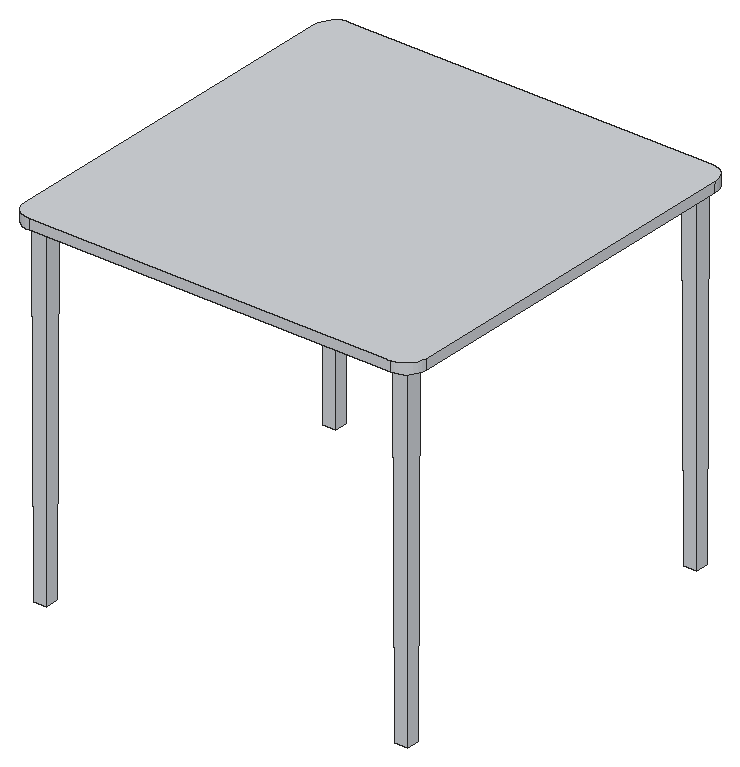
Revit family "Table - Square", category Generic Models, Revit 2023
Family settings
  Can host rebar = No
  Round Connector Dimension = Use Diameter
  Part Type = Normal
  Work Plane-Based = No
  Always vertical = Yes
  Cut with Voids When Loaded = No
  Maintain Annotation Orientation = No
  Shared = No
  Room Calculation Point = No
Parameters
  Thickness = 0' - 2"
  Sides = 6' - 8"
  Leg Inset = 0' - 4"
  Leg Height = Height - Thickness  # 5' - 8"
  Height = 5' - 10"
  Default Elevation = 0' - 0"
  Corner Fillet = 0' - 4"
Reference planes (in)
  plane 1 "Center (Front/Back)": y = 0
  plane 2: z = 0
  plane 3 "Center (Left/Right)": x = 0
  plane 4: x = -40
  plane 5: x = 40
  plane 6: y = 40
  plane 7: y = -40
  plane 8: z = 70
  plane 9: z = 68
  plane 10: y = 36
  plane 11: x = 36
  plane 12: y = -36
  plane 13: x = -36
Forms (in)
  Extrusion 1, solid
    sketch origin (0, 0, 0) x (1, 0, 0) y (0, 1, 0)
      loop
        arc (-36, 40) -> (-38.82843, 38.82843) -> (-40, 36) r 4
        line (-40, 36) -> (-40, -36)
        arc (-40, -36) -> (-38.82843, -38.82843) -> (-36, -40) r 4
        line (-36, -40) -> (36, -40)
        arc (36, -40) -> (38.82843, -38.82843) -> (40, -36) r 4
        line (40, -36) -> (40, 36)
        arc (40, 36) -> (38.82843, 38.82843) -> (36, 40) r 4
        line (36, 40) -> (-36, 40)
    from 68 to 70
Dimensions and locks (in)
  equal spacing: plane 6, plane 1 "Center (Front/Back)", plane 7
  equal spacing: plane 4, plane 3 "Center (Left/Right)", plane 5
  "Sides": plane 4 to plane 5
  "Sides": plane 6 to plane 7
  "Height": plane 8 to level
  "Thickness": plane 8 to plane 9
  "Leg Inset": plane 4 to plane 13
  "Leg Inset": plane 6 to plane 10
  "Leg Inset": plane 11 to plane 5
  "Leg Inset": plane 12 to plane 7
  "Corner Fillet": radius of Extrusion 1 sketch curve  (x4)
  aligned and locked: plane 2 to level
  aligned and locked: Extrusion 1 sketch curve to plane 6
  aligned and locked: Extrusion 1 sketch curve to plane 4
  aligned and locked: plane 7 to Extrusion 1 sketch curve
  aligned and locked: Extrusion 1 sketch curve to plane 5
  aligned and locked: plane 8 to Extrusion 1
  aligned and locked: Extrusion 1 to plane 9
  aligned and locked: plane 11 to nested 2
  aligned and locked: nested 2 to plane 10
  aligned and locked: nested 1 to plane 13
  aligned and locked: nested 1 to plane 10
  aligned and locked: nested 4 to plane 13
  aligned and locked: plane 12 to nested 4
  aligned and locked: plane 11 to nested 3
  aligned and locked: plane 12 to nested 3
Nested families (in)
  nested 1: "Square Leg" at (-36, 36, 0), type "Square Leg"
    with Height 5' - 8"
  nested 2: "Square Leg" at (36, 36, 0), type "Square Leg"
    with Height 5' - 8"
  nested 3: "Square Leg" at (36, -36, 0), type "Square Leg"
    with Height 5' - 8"
  nested 4: "Square Leg" at (-36, -36, 0), type "Square Leg"
    with Height 5' - 8"
Definition of nested family "Square Leg"
  Parameters
    Top Size = 0' - 3"
    Height = 3' - 7.38655"
    Default Elevation = 0' - 0"
    Base Size = 0' - 2 1/2"
  Reference planes (in)
    plane 1 "Center (Front/Back)": y = 0
    plane 2: z = 0
    plane 3 "Center (Left/Right)": x = 0
    plane 4: x = -1.25
    plane 5: x = 1.25
    plane 6: y = 1.25
    plane 7: y = -1.25
    plane 8: y = 1.5
    plane 9: x = -1.5
    plane 10: y = -1.5
    plane 11: x = 1.5
    plane 12: z = 43.38655
  Forms (in)
    Blend 1, solid
      base sketch origin (0, 0, 0) x (1, 0, 0) y (0, 1, 0)
        loop
          line (-1.25, 1.25) -> (-1.25, -1.25) -> (1.25, -1.25) -> (1.25, 1.25) -> (-1.25, 1.25)
      top sketch origin (0, 0, 0) x (1, 0, 0) y (0, 1, 0)
        loop
          line (-1.5, 1.5) -> (-1.5, -1.5) -> (1.5, -1.5) -> (1.5, 1.5) -> (-1.5, 1.5)
      from 0 to 43.38655
  Dimensions and locks (in)
    equal spacing: plane 4, plane 3 "Center (Left/Right)", plane 5
    equal spacing: plane 6, plane 1 "Center (Front/Back)", plane 7
    "Base Size": plane 6 to plane 7
    "Base Size": plane 4 to plane 5
    "Top Size": plane 9 to plane 11
    "Top Size": plane 8 to plane 10
    equal spacing: plane 8, plane 1 "Center (Front/Back)", plane 10
    equal spacing: plane 9, plane 3 "Center (Left/Right)", plane 11
    "Height": plane 12 to level
    aligned and locked: plane 2 to level
    aligned and locked: Blend 1 sketch curve to plane 6
    aligned and locked: Blend 1 sketch curve to plane 4
    aligned and locked: Blend 1 sketch curve to plane 7
    aligned and locked: Blend 1 sketch curve to plane 5
    aligned and locked: Blend 1 sketch curve to plane 8
    aligned and locked: plane 9 to Blend 1 sketch curve
    aligned and locked: plane 10 to Blend 1 sketch curve
    aligned and locked: plane 11 to Blend 1 sketch curve
    aligned and locked: Blend 1 to level
    aligned and locked: plane 12 to Blend 1
